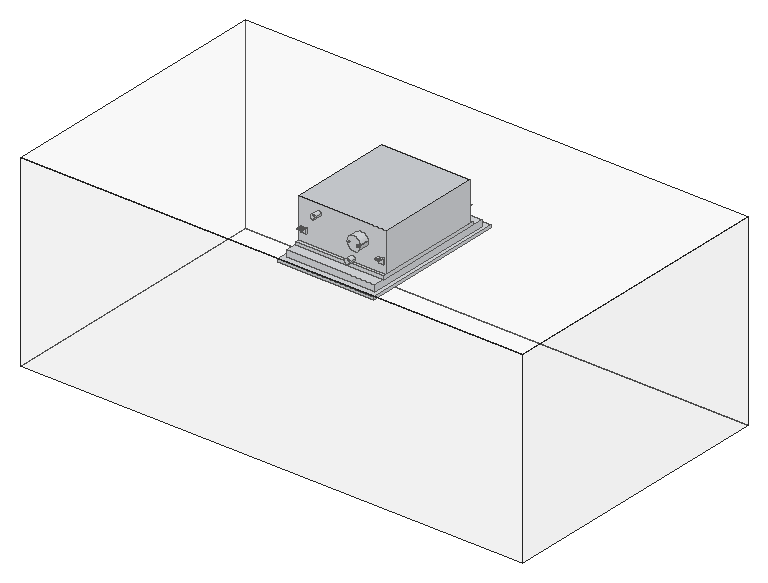
Revit family "plfy-p22_140lmg9_50Hz", category 機械設備, Revit 2019
Family settings
  丸型コネクタ寸法 = 直径を使用
  パーツ タイプ = 標準
  OmniClass 番号 = 23.75.10.24.21.27.27
  OmniClass タイトル = Split System Air Conditioning Units
  作業面ベース = いいえ
  常に垂直 = はい
  ロード時にボイドで切り取り = いいえ
  共有 = いいえ
  部屋計算ポイント = はい
Parameters (values of type "PLFY-P22LMG9")
  風量（弱）（m3／min） = 6.5
  風量（中2）（m3／min） = 7.5
  風量（中1）（m3／min） = 8.5
  風量（m3／min） = 9.5
  風量 = MAX風量  # 570.0 m³/h
  音響パワーレベル（弱）(dB) = 49
  音響パワーレベル（中2）(dB) = 51
  音響パワーレベル（中1）(dB) = 52
  音響パワーレベル(dB) = 53
  電源種別 = ""
  電源_H = 0 mm
  電圧_電気ヒーター = 0 V
  電圧 = 200 V
  電動機出力_送風機 = 0.05 kW
  運転質量 = 0.00 kg
  連動 = ""
  質量 = if(製品質量 > 運転質量, 製品質量, 運転質量) * 1.2  # 24.00 kg
  負荷分類 = 3_ファン類
  説明 = "ビル用マルチエアコン 天井カセット形(2方向吹出)室内機"
  設計暖房能力 = 0.00 kW
  設計冷房能力_顕熱 = 0 kW
  設計冷房能力 = 0 kW
  設置方法 = "カセット形"
  記号 = ""
  製造元 = "三菱電機株式会社"
  製品質量 = 20.00 kg
  製品出荷対象 = "国内"
  製品リリース年月 = "2022年9月15日"
  製品グループ = ""
  系統 = ""
  符号 = "ACP_CK2"
  積算_科目 = "1 空気調和設備"
  積算_拾い区分 [instance] = ""
  相_電気ヒーター = 1
  相 = 1
  盤記号 = ""
  発停方法 = "付属スイッチ"
  特殊仕様 = ""
  火災停止 = ""
  消費電力_電気ヒーター = 0.00 kW
  消費電力_暖房 = 0.03 kW
  消費電力_加湿器 = 0.00 kW
  消費電力_冷房 = 0.03 kW
  消費電力 = if(消費電力_冷房 > 消費電力_暖房, 消費電力_冷房, 消費電力_暖房) + 消費電力_加湿器 + 消費電力_電気ヒーター  # 0.03 kW
  法定耐用年数 = "15"
  機外静圧 = 0.0 Pa
  極数 = 3
  材質 = ""
  本体マテリアル = none
  有効加湿量 = 0
  暖房能力 = 2.50 kW
  推奨ブレーカー容量 = 15 A
  形式_加湿器 = ""
  形式 = "カセット形（2方向吹出形）"
  幹線記号 = ""
  始動方式 = ""
  呼称 = "室内機_カセット形(2方向吹出形)"
  周波数 = 50 Hz
  吊り位置Y = 824 mm
  吊り位置X = 574 mm
  吊りボルト_H = 167 mm
  台数_手元リモコン = ""
  台数_冷媒分岐ユニット = ""
  参照している仕様書等のバージョン = "公共建築工事標準仕様書（機械設備工事編）平成31年度版"
  加湿給水管径 = 0 mm
  分類コード = "50053003221020"
  分類グループ = ""
  冷房能力 = 2.2 kW
  冷媒高低圧ガス管径 = 0 mm
  冷媒管径符号 = "Ac"
  冷媒管径 = 100 mm
  冷媒液管高さ = 235 mm
  冷媒液管長さ = 67 mm
  冷媒液管径 = 6.35 mm
  冷媒ガス管高さ = 235 mm
  冷媒ガス管長さ = 78 mm
  冷媒ガス管径 = 12.7 mm
  企業コード = "108420"
  付属品_フィルター = ""
  付属品 = ""
  仕様書バージョン = "Version1.0"
  モデル = "PLFY-P22LMG9"
  パネルマテリアル = none
  ドレン管高さ = 297 mm
  ドレン管径 = 32 mm
  サービススペース = yes
  コメント [instance] = ""
  ケーブル種類 = ""
  ケーブルサイズ = 1.6 mm
  Width = 650 mm
  Version = ""
  Uniclass2015Version = "Systems v1.9"
  Uniclass2015Title = "Split coil remote air cooled condensing units"
  Uniclass2015Code = "Pr_70_65_03_84"
  URL = "https://www.mitsubishielectric.co.jp/ldg/wink/ssl/displayProduct.do?pid=317077"
  SpecificationReference = ""
  SpecificationDescription = ""
  S_H = 364 mm
  Revision = ""
  ProductInformation = ""
  OmniClassCode = "23-751024212727"
  MIN風量 = 風量（弱）（m3／min） * 60.0 m³/h  # 390.0 m³/h
  MID風量2 = 風量（中2）（m3／min） * 60.0 m³/h  # 450.0 m³/h
  MID風量 = 風量（中1）（m3／min） * 60.0 m³/h  # 510.0 m³/h
  MAX風量 = 風量（m3／min） * 60.0 m³/h  # 570.0 m³/h
  IfcTypeProduct = ""
  IfcProduct = ""
  IfcExportType = "AIRCONDITIONINGUNIT"
  IfcExportAs = "IfcUnitaryEquipmentType"
  Height = 290 mm
  Depth = 770 mm
  Clearance Top = 357 mm
  Clearance Right = 1500 mm
  Clearance Left = 1500 mm
  Clearance Front = 500 mm
  Clearance Bottom = 1000 mm
  Clearance Back = 500 mm
  Author = "三菱電機株式会社"
Types (10, lengths in mm): name | 風量（弱）（m3／min） | 風量（中2）（m3／min） | 風量（中1）（m3／min） | 風量（m3／min） | 風量 | 音響パワーレベル（弱）(dB) | 音響パワーレベル（中2）(dB) | 音響パワーレベル（中1）(dB) | 音響パワーレベル(dB) | 電動機出力_送風機 | 質量 | 製品質量 | 消費電力_暖房 | 消費電力_冷房 | 消費電力 | 暖房能力 | 吊り位置Y | 冷房能力 | 冷媒管径符号 | 冷媒液管長さ | 冷媒液管径 | 冷媒ガス管長さ | 冷媒ガス管径 | モデル | URL | S_H | MIN風量 | MID風量2 | MID風量 | MAX風量 | Height | Depth | Clearance Top
  PLFY-P22LMG9 | 6.5 | 7.5 | 8.5 | 9.5 | 570.0 m³/h | 49 | 51 | 52 | 53 | 0.05 kW | 24.00 kg | 20.00 kg | 0.03 kW | 0.03 kW | 0.03 kW | 2.50 kW | 824 | 2.2 kW | "Ac" | 67 | 6.35 | 78 | 12.7 | "PLFY-P22LMG9" | "https://www.mitsubishielectric.co.jp/ldg/wink/ssl/displayProduct.do?pid=317077" | 364 | 390.0 m³/h | 450.0 m³/h | 510.0 m³/h | 570.0 m³/h | 290 | 770 | 357
  PLFY-P28LMG9 | 6.5 | 7.5 | 8.5 | 9.5 | 570.0 m³/h | 49 | 51 | 52 | 53 | 0.05 kW | 24.00 kg | 20.00 kg | 0.03 kW | 0.03 kW | 0.03 kW | 3.20 kW | 824 | 2.8 kW | "Ac" | 67 | 6.4 | 78 | 12.7 | "PLFY-P28LMG9" | "https://www.mitsubishielectric.co.jp/ldg/wink/ssl/displayProduct.do?pid=317078" | 364 | 390.0 m³/h | 450.0 m³/h | 510.0 m³/h | 570.0 m³/h | 290 | 770 | 357
  PLFY-P36LMG9 | 6.5 | 8 | 9 | 10 | 600.0 m³/h | 50 | 51 | 52 | 53 | 0.05 kW | 25.20 kg | 21.00 kg | 0.03 kW | 0.03 kW | 0.03 kW | 4.00 kW | 824 | 3.6 kW | "Ac" | 67 | 6.4 | 78 | 12.7 | "PLFY-P36LMG9" | "https://www.mitsubishielectric.co.jp/ldg/wink/ssl/displayProduct.do?pid=317079" | 364 | 390.0 m³/h | 480.0 m³/h | 540.0 m³/h | 600.0 m³/h | 290 | 770 | 357
  PLFY-P45LMG9 | 7 | 8.5 | 9.5 | 10.5 | 630.0 m³/h | 51 | 54 | 55 | 56 | 0.05 kW | 25.20 kg | 21.00 kg | 0.04 kW | 0.04 kW | 0.04 kW | 5.00 kW | 824 | 4.5 kW | "Ac" | 67 | 6.4 | 78 | 12.7 | "PLFY-P45LMG9" | "https://www.mitsubishielectric.co.jp/ldg/wink/ssl/displayProduct.do?pid=317080" | 364 | 420.0 m³/h | 510.0 m³/h | 570.0 m³/h | 630.0 m³/h | 290 | 770 | 357
  PLFY-P56LMG9 | 9 | 11 | 12 | 13 | 780.0 m³/h | 53 | 55 | 56 | 57 | 0.05 kW | 28.80 kg | 24.00 kg | 0.05 kW | 0.05 kW | 0.05 kW | 6.30 kW | 994 | 5.6 kW | "Ac" | 67 | 6.4 | 78 | 12.7 | "PLFY-P56LMG9" | "https://www.mitsubishielectric.co.jp/ldg/wink/ssl/displayProduct.do?pid=317081" | 364 | 540.0 m³/h | 660.0 m³/h | 720.0 m³/h | 780.0 m³/h | 290 | 940 | 357
  PLFY-P71LMG9 | 10.5 | 12.5 | 15 | 16.5 | 990.0 m³/h | 55 | 58 | 59 | 60 | 0.05 kW | 31.20 kg | 26.00 kg | 0.07 kW | 0.07 kW | 0.07 kW | 8.00 kW | 994 | 7.1 kW | "Bd" | 67 | 9.5 | 78 | 15.9 | "PLFY-P71LMG9" | "https://www.mitsubishielectric.co.jp/ldg/wink/ssl/displayProduct.do?pid=317082" | 364 | 630.0 m³/h | 750.0 m³/h | 900.0 m³/h | 990.0 m³/h | 290 | 940 | 357
  PLFY-P80LMG9 | 13.5 | 15 | 16.5 | 19 | 1140.0 m³/h | 56 | 58 | 59 | 60 | 0.10 kW | 49.20 kg | 41.00 kg | 0.06 kW | 0.06 kW | 0.06 kW | 9.00 kW | 1494 | 8 kW | "Bd" | 71 | 9.5 | 83 | 15.9 | "PLFY-P80LMG9" | "https://www.mitsubishielectric.co.jp/ldg/wink/ssl/displayProduct.do?pid=317083" | 405 | 810.0 m³/h | 900.0 m³/h | 990.0 m³/h | 1140.0 m³/h | 331 | 1440 | 398
  PLFY-P90LMG9 | 15.5 | 18 | 20 | 22.5 | 1350.0 m³/h | 57 | 59 | 60 | 61 | 0.10 kW | 49.20 kg | 41.00 kg | 0.08 kW | 0.08 kW | 0.08 kW | 10.00 kW | 1494 | 9 kW | "Bd" | 71 | 9.5 | 83 | 15.9 | "PLFY-P90LMG9" | "https://www.mitsubishielectric.co.jp/ldg/wink/ssl/displayProduct.do?pid=317084" | 405 | 930.0 m³/h | 1080.0 m³/h | 1200.0 m³/h | 1350.0 m³/h | 331 | 1440 | 398
  PLFY-P112LMG9 | 18 | 20 | 23.5 | 26 | 1560.0 m³/h | 59 | 61 | 62 | 63 | 0.10 kW | 54.00 kg | 45.00 kg | 0.10 kW | 0.10 kW | 0.10 kW | 12.50 kW | 1494 | 11.2 kW | "Bd" | 71 | 9.5 | 83 | 15.9 | "PLFY-P112LMG9" | "https://www.mitsubishielectric.co.jp/ldg/wink/ssl/displayProduct.do?pid=317085" | 405 | 1080.0 m³/h | 1200.0 m³/h | 1410.0 m³/h | 1560.0 m³/h | 331 | 1440 | 398
  PLFY-P140LMG9 | 23 | 26.5 | 28.5 | 31.5 | 1890.0 m³/h | 63 | 64 | 67 | 69 | 0.24 kW | 56.40 kg | 47.00 kg | 0.20 kW | 0.20 kW | 0.20 kW | 16.00 kW | 1494 | 14 kW | "Bd" | 71 | 9.5 | 83 | 15.9 | "PLFY-P140LMG9" | "https://www.mitsubishielectric.co.jp/ldg/wink/ssl/displayProduct.do?pid=317090" | 405 | 1380.0 m³/h | 1590.0 m³/h | 1710.0 m³/h | 1890.0 m³/h | 331 | 1440 | 398
Reference planes
  plane 1 "中心(正面/背面)": y = 0
  plane 2: z = 0
  plane 3 "中心(左/右)": x = 0
  plane 4: x = -355
  plane 5: x = 355
  plane 6: y = 540
  plane 7: y = -540
  plane 8: z = 357
  plane 9: z = 364
  plane 10: x = -287
  plane 11: x = 287
  plane 12: y = 412
  plane 13: y = -412
  plane 14: z = 67
  plane 15: y = 385
  plane 16: y = -385
  plane 17: x = -325
  plane 18: x = 325
  plane 19: x = -1855
  plane 20: x = 1855
  plane 21: y = 1040
  plane 22: y = -1040
  plane 23: z = 357
  plane 24: z = -20
  plane 25: z = -1020
Dimensions and locks
  equal spacing: plane 4, plane 3 "中心(左/右)", plane 5
  plane 4 to plane 5 = 710 mm
  equal spacing: plane 7, plane 1 "中心(正面/背面)", plane 6
  plane 7 to plane 6 = 1080 mm
  locked: plane 12 to plane 6 at 128
  plane 7 to plane 13 = 128 mm
  plane 4 to plane 10 = 68 mm
  plane 11 to plane 5 = 68 mm
  "S_H": plane 9 to level
  "吊り位置X": plane 10 to plane 11
  equal spacing: plane 10, plane 3 "中心(左/右)", plane 11
  equal spacing: plane 13, plane 1 "中心(正面/背面)", plane 12
  "吊り位置Y": plane 13 to plane 12
  equal spacing: plane 16, plane 1 "中心(正面/背面)", plane 15
  "Depth": plane 16 to plane 15
  equal spacing: plane 17, plane 3 "中心(左/右)", plane 18
  "Width": plane 17 to plane 18
  locked: plane 14 to level at 67
  "Height": plane 8 to plane 14
  "Clearance Left": plane 19 to plane 4
  "Clearance Right": plane 5 to plane 20
  "Clearance Back": plane 6 to plane 21
  "Clearance Front": plane 22 to plane 7
  locked: level to plane 24 at 20
  "Clearance Bottom": plane 24 to plane 25
  "Clearance Top": plane 23 to level
  aligned and locked: level to plane 2
  aligned and locked: plane 10 to nested 2
  aligned and locked: plane 11 to nested 2
  aligned and locked: nested 2 to plane 12
  aligned and locked: plane 13 to nested 2
  aligned and locked: plane 1 "中心(正面/背面)" to nested 3
  aligned and locked: nested 3 to plane 3 "中心(左/右)"
  aligned and locked: plane 19 to nested 1
  aligned and locked: plane 20 to nested 1
  aligned and locked: nested 1 to plane 22
  aligned and locked: nested 1 to plane 21
  aligned and locked: plane 23 to nested 1
  aligned and locked: plane 25 to nested 1
Nested families
  nested 1: "サービススペース" at (0, 0, -331.5), visible <- "サービススペース", type "サービススペース"
    with Width 3710 mm, Height 1377 mm, Depth 2080 mm
  nested 2: "固定点" at (-287, -412, 0), type "固定点"
    with W 574 mm, D 824 mm
  nested 3: "PLFY-P○○○LMG7" at (0, 0, 0) x (0, -1, 0) z (0, 0, 1), type "PLFY-P○○○LMG7"
    with ユニット表示 yes, ドレン配管サイズ 32 mm
Connectors
  piping at (138, -452, 235), diameter 100, driven by "冷媒管径", driven by "冷媒管径符号"
    settings: on nested 3, index 1, connector inside diameter 609.6 mm, connector length 0 mm, flow factor 0, pipe flow 0.0 L/s, pressure drop 0.0 Pa, fitting loss kfactor 0, connector angle 0.00°, fixture units 0, engagement length 0 mm, angle of deflection 0.00°, flow configuration 0, flow direction 1, fitting loss method 4, system type 7, joint type 0, gender type 0, connector reference index -1, connector utility 0, adjustable connector no, is connector primary yes, connector description "Ac"
  piping at (-175, -442, 297), diameter 32, driven by "ドレン管径"
    settings: on nested 3, index 2, connector inside diameter 609.6 mm, connector length 0 mm, flow factor 0, pipe flow 0.0 L/s, pressure drop 0.0 Pa, fitting loss kfactor 0, connector angle 0.00°, fixture units 0, engagement length 0 mm, angle of deflection 0.00°, flow configuration 0, flow direction 2, fitting loss method 4, system type 16, joint type 0, gender type 0, connector reference index -1, connector utility 0, adjustable connector no, is connector primary no, connector description ""
  electrical at (75, -435, 85), driven by "極数", driven by "負荷分類", driven by "電圧", driven by "消費電力"
    settings: on nested 3, index 3, voltage 200 V, apparent load 30 VA, apparent load phase1 0 VA, apparent load phase2 0 VA, apparent load phase3 0 VA, power factor 1, load classification "3_ファン類", number of poles 3, system type 30, power factor state 1, is connector primary yes, connector utility no, sub classification motor no, connector description ""
Definition of nested family "サービススペース"
  Parameters (values of type "サービススペース")
    Width [instance] = 500 mm
    Height [instance] = 500 mm
    Depth [instance] = 500 mm
  Reference planes
    plane 1 "中心(正面/背面)": y = 0
    plane 2: z = 0
    plane 3 "中心(左/右)": x = 0
    plane 4: y = -250
    plane 5: x = 250
    plane 6: y = 250
    plane 7: x = -250
    plane 8: z = 250
    plane 9: z = -250
  Forms (mm)
    Extrusion 1, solid
      sketch origin (-638.939, 0, 72.39) x (1, 0, 0) y (0, 1, 0)
        loop
          line (388.939, 250) -> (388.939, -250) -> (888.939, -250) -> (888.939, 250) -> (388.939, 250)
      from -322.39 to 177.61
  Lines and regions (mm)
    symbolic lines
      curve 1: line (-250, 0, 250) -> (250, 0, 250)
      curve 2: line (-250, 0, -250) -> (-250, 0, 250)
      curve 3: line (250, 0, -250) -> (-250, 0, -250)
      curve 4: line (250, 0, 250) -> (250, 0, -250)
      curve 5: line (0, -250, 250) -> (0, 250, 250)
      curve 6: line (0, -250, -250) -> (0, -250, 250)
      curve 7: line (0, 250, -250) -> (0, -250, -250)
      curve 8: line (0, 250, 250) -> (0, 250, -250)
      curve 9: line (-250, 250, 0) -> (250, 250, 0)
      curve 10: line (-250, -250, 0) -> (-250, 250, 0)
      curve 11: line (250, -250, 0) -> (-250, -250, 0)
      curve 12: line (250, 250, 0) -> (250, -250, 0)
  Dimensions and locks
    equal spacing: plane 7, plane 3 "中心(左/右)", plane 5
    equal spacing: plane 4, plane 1 "中心(正面/背面)", plane 6
    "Depth": plane 4 to plane 6
    "Width": plane 7 to plane 5
    equal spacing: plane 8, plane 2, plane 9
    "Height": plane 8 to plane 9
    aligned and locked: plane 9 to curve 3
    aligned and locked: plane 7 to curve 2
    aligned and locked: curve 4 to plane 5
    aligned and locked: plane 5 to Extrusion 1
    aligned and locked: Extrusion 1 to plane 7
    aligned and locked: Extrusion 1 to plane 9
    aligned and locked: plane 8 to Extrusion 1
    aligned and locked: plane 9 to curve 7
  Automatic sketch dimensions
    plane 4 to Extrusion 1 sketch curve = 0 mm
    Extrusion 1 sketch curve to plane 7 = 0 mm
    Extrusion 1 sketch curve to plane 5 = 0 mm
    plane 6 to Extrusion 1 sketch curve = 0 mm
    curve 2 to plane 8 = 0 mm
    plane 4 to curve 11 = 0 mm
    curve 11 to plane 7 = 0 mm
    curve 11 to plane 5 = 0 mm
    plane 6 to curve 10 = 0 mm
    curve 7 to plane 4 = 0 mm
    curve 7 to plane 6 = 0 mm
    curve 6 to plane 8 = 0 mm
Definition of nested family "PLFY-P○○○LMG7"
  Parameters (values of type "PLFY-P○○○LMG7")
    配線取出口サイズ = 36 mm
    配線取出口-Z = 85 mm
    配線取出口-Y = 250 mm
    配線取出口-X = 50 mm
    液配管サイズ = 6.35 mm
    A = 幅さ + 310 mm  # 1080 mm
    高さ = 290 mm
    奥行き = 650 mm
    吊りボルト_H = 167 mm
    冷媒配管 = 100 mm
    冷媒液管径-Z = 235 mm
    冷媒液管径-Y = 222 mm
    冷媒液管径-X = 67 mm
    冷媒ガス管径-Z = 235 mm
    冷媒ガス管径-Y = 152 mm
    冷媒ガス管径-X = 78 mm
    ユニット表示 [instance] = yes
    ボルトピッチ = 574 mm
    ドレン配管サイズ = 25 mm
    ドレン管径-Z = 297 mm
    ドレン管径-Y = 500 mm
    ドレン管径-X = 57 mm
    ガス配管サイズ = 12.7 mm
    D = 幅さ + 54 mm  # 824 mm
    幅さ = 770 mm
    B = 幅さ + 270 mm  # 1040 mm
  Reference planes
    plane 1 "中心(正面/背面)": y = 0
    plane 2: z = 0
    plane 3 "中心(左/右)": x = 0
    plane 4: x = -540
    plane 5: x = 540
    plane 6: y = 355
    plane 7: y = -355
    plane 8: z = 357
    plane 9: z = -20
    plane 10: x = -385
    plane 11: x = 385
    plane 12: y = 325
    plane 13: y = -325
    plane 14: z = 45
    plane 15: x = -520
    plane 16: x = 520
    plane 17: x = 412
    plane 18: x = -412
    plane 19: z = 67
    plane 20: x = 490
    plane 21: x = -490
    plane 22: y = 287
    plane 23: y = -287
    plane 24: x = 463
    plane 25: y = 173
    plane 26: z = 235
    plane 27: x = 452
    plane 28: y = 103
    plane 29: x = 442
    plane 30: y = -175
    plane 31: z = 297
    plane 32: z = 364
    plane 33: y = 50
    plane 34: x = 435
    plane 35: y = 75
    plane 36: z = 85
    plane 37: z = 167
    plane 38: z = 165
    plane 39: z = 125
    plane 40: y = 307
    plane 41: y = 267
    plane 42: y = -267
    plane 43: y = -307
    plane 44: y = 292
    plane 45: y = 282
    plane 46: y = -282
    plane 47: y = -292
    plane 48: x = -425
    plane 49: x = 425
    plane 50: x = -387
    plane 51: x = 387
  Forms (mm)
    Extrusion 1, solid, visible <- "ユニット表示", detail levels fine
      sketch origin (0, 0, 0) x (1, 0, 0) y (0, 1, 0)
        loop
          line (-385, 325) -> (-385, -325) -> (385, -325) -> (385, 325) -> (-385, 325)
      from 67 to 357
    Extrusion 2, solid, visible <- "ユニット表示", detail levels fine
      sketch origin (-1437.329, -1524, 45) x (-1, 0, 0) y (0, -1, 0)
        loop
          line (-1025.329, -1849) -> (-1025.329, -1199) -> (-1849.329, -1199) -> (-1849.329, -1849) -> (-1025.329, -1849)
      from 0 to 22
    Extrusion 3, solid, visible <- "ユニット表示", detail levels fine
      sketch origin (-1437.329, -1524, 45) x (-1, 0, 0) y (0, -1, 0)
        loop
          line (-947.329, -1849) -> (-947.329, -1199) -> (-1927.329, -1199) -> (-1927.329, -1849) -> (-947.329, -1849)
      from 0 to -45
    Extrusion 4, solid, visible <- "ユニット表示", detail levels fine
      sketch origin (385, 1296.25, 1200) x (0, 1, 0) y (0, 0, 1)
        loop
          circle (-1123.25, -965) r 6.35
      from 0 to 78
    Extrusion 5, solid, visible <- "ユニット表示", detail levels fine
      sketch origin (385, 1296.25, 1200) x (0, 1, 0) y (0, 0, 1)
        loop
          circle (-1193.25, -965) r 3.175
      from 0 to 67
    Extrusion 6, solid, visible <- "ユニット表示", detail levels fine
      sketch origin (385, 1296.25, 1200) x (0, 1, 0) y (0, 0, 1)
        loop
          circle (-1471.25, -903) r 12.5
      from 0 to 57
    Extrusion 7, solid, visible <- "ユニット表示", detail levels fine
      sketch origin (385, 1296.25, 1200) x (0, 1, 0) y (0, 0, 1)
        loop
          circle (-1221.25, -1115) r 18
      from 0 to 50
    Extrusion 8, solid, visible <- "ユニット表示", detail levels fine
      sketch origin (385, 1296.25, 1200) x (0, 1, 0) y (0, 0, 1)
        loop
          circle (-1158.25, -965) r 50
      from 0 to 67
    Extrusion 9, solid, visible <- "ユニット表示"
      sketch origin (0, 0, 0) x (1, 0, 0) y (0, 1, 0)
        loop
          line (-540, 355) -> (-540, -355) -> (540, -355) -> (540, 355) -> (-540, 355)
      from 0 to -20
    Extrusion 10, solid, visible <- "ユニット表示", detail levels fine
      sketch origin (0, 0, 0) x (1, 0, 0) y (0, 1, 0)
        loop
          line (-407, 292) -> (-407, 282)
          arc (-407, 282) -> (-412, 277) -> (-417, 282) r 5
          line (-417, 282) -> (-425, 282) -> (-425, 267) -> (-385, 267) -> (-385, 307) -> (-425, 307) -> (-425, 292) -> (-417, 292)
          arc (-417, 292) -> (-412, 297) -> (-407, 292) r 5
        loop
          arc (407, 292) -> (412, 297) -> (417, 292) r 5
          line (417, 292) -> (425, 292) -> (425, 307) -> (385, 307) -> (385, 267) -> (425, 267) -> (425, 282) -> (417, 282)
          arc (417, 282) -> (412, 277) -> (407, 282) r 5
          line (407, 282) -> (407, 292)
        loop
          line (407, -292) -> (407, -282)
          arc (407, -282) -> (412, -277) -> (417, -282) r 5
          line (417, -282) -> (425, -282) -> (425, -267) -> (385, -267) -> (385, -307) -> (425, -307) -> (425, -292) -> (417, -292)
          arc (417, -292) -> (412, -297) -> (407, -292) r 5
        loop
          arc (-407, -292) -> (-412, -297) -> (-417, -292) r 5
          line (-417, -292) -> (-425, -292) -> (-425, -307) -> (-385, -307) -> (-385, -267) -> (-425, -267) -> (-425, -282) -> (-417, -282)
          arc (-417, -282) -> (-412, -277) -> (-407, -282) r 5
          line (-407, -282) -> (-407, -292)
      from 165 to 167
    Extrusion 11, solid, visible <- "ユニット表示", detail levels fine
      sketch origin (0, 0, 0) x (1, 0, 0) y (0, 1, 0)
        loop
          line (-387, 307) -> (-387, 267) -> (-385, 267) -> (-385, 307) -> (-387, 307)
        loop
          line (385, 307) -> (385, 267) -> (387, 267) -> (387, 307) -> (385, 307)
        loop
          line (385, -267) -> (385, -307) -> (387, -307) -> (387, -267) -> (385, -267)
        loop
          line (-387, -267) -> (-387, -307) -> (-385, -307) -> (-385, -267) -> (-387, -267)
      from 125 to 165
  Dimensions and locks
    equal spacing: plane 7, plane 1 "中心(正面/背面)", plane 6
    plane 7 to plane 6 = 710 mm
    equal spacing: plane 4, plane 3 "中心(左/右)", plane 5
    "A": plane 4 to plane 5
    locked: level to plane 9 at 20
    equal spacing: plane 13, plane 1 "中心(正面/背面)", plane 12
    "奥行き": plane 13 to plane 12
    equal spacing: plane 10, plane 3 "中心(左/右)", plane 11
    "幅さ": plane 10 to plane 11
    locked: plane 14 to level at 45
    equal spacing: plane 15, plane 3 "中心(左/右)", plane 16
    "B": plane 15 to plane 16
    equal spacing: plane 18, plane 3 "中心(左/右)", plane 17
    "D": plane 18 to plane 17
    locked: plane 19 to plane 14 at 22
    locked: plane 15 to plane 21 at 30
    locked: plane 20 to plane 16 at 30
    equal spacing: plane 23, plane 1 "中心(正面/背面)", plane 22
    "ボルトピッチ": plane 23 to plane 22
    "冷媒ガス管径-X": plane 11 to plane 24
    "冷媒ガス管径-Y": plane 25 to plane 12
    "冷媒液管径-X": plane 11 to plane 27
    "冷媒液管径-Y": plane 28 to plane 12
    "ドレン管径-X": plane 11 to plane 29
    "ドレン管径-Y": plane 30 to plane 12
    plane 32 to plane 8 = 7 mm
    "配線取出口-X": plane 11 to plane 34
    "配線取出口-Y": plane 35 to plane 12
    "配線取出口-Z": plane 36 to level
    "ドレン管径-Z": plane 31 to level
    "冷媒ガス管径-Z": plane 26 to level
    locked: plane 38 to plane 39 at 40
    locked: plane 37 to plane 38 at 2
    "吊りボルト_H": plane 37 to level
    plane 43 to plane 23 to plane 42 = 20 mm locked, 20 mm locked
    plane 41 to plane 22 to plane 40 = 20 mm locked, 20 mm locked
    plane 47 to plane 23 to plane 46 = 5 mm locked, 5 mm locked
    plane 45 to plane 22 to plane 44 = 5 mm locked, 5 mm locked
    locked: plane 48 to plane 10 at 40
    locked: plane 11 to plane 49 at 40
    locked: plane 11 to plane 51 at 2
    locked: plane 50 to plane 10 at 2
    "高さ": plane 8 to plane 19
    "ガス配管サイズ": diameter of Extrusion 4 sketch curve
    "液配管サイズ": diameter of Extrusion 5 sketch curve
    "ドレン配管サイズ": diameter of Extrusion 6 sketch curve
    "配線取出口サイズ": diameter of Extrusion 7 sketch curve
    "冷媒配管": diameter of Extrusion 8 sketch curve
    aligned and locked: level to plane 2
    aligned and locked: plane 12 to Extrusion 1 sketch curve
    aligned and locked: plane 10 to Extrusion 1 sketch curve
    aligned and locked: Extrusion 1 sketch curve to plane 13
    aligned and locked: Extrusion 1 sketch curve to plane 11
    aligned and locked: plane 8 to Extrusion 1
    aligned and locked: plane 12 to Extrusion 2 sketch curve
    aligned and locked: plane 18 to Extrusion 2 sketch curve
    aligned and locked: Extrusion 2 sketch curve to plane 13
    aligned and locked: Extrusion 2 sketch curve to plane 17
    aligned and locked: plane 19 to Extrusion 2
    aligned and locked: Extrusion 1 to Extrusion 2
    aligned and locked: plane 12 to Extrusion 3 sketch curve
    aligned and locked: plane 21 to Extrusion 3 sketch curve
    aligned and locked: Extrusion 3 sketch curve to plane 13
    aligned and locked: Extrusion 3 sketch curve to plane 20
    aligned and locked: Extrusion 3 to level
    aligned and locked: plane 14 to Extrusion 3
    aligned and locked: plane 26 to Extrusion 4 sketch curve
    aligned and locked: plane 25 to Extrusion 4 sketch curve
    aligned and locked: Extrusion 4 to plane 11
    aligned and locked: plane 24 to Extrusion 4
    aligned and locked: plane 26 to Extrusion 5 sketch curve
    aligned and locked: plane 28 to Extrusion 5 sketch curve
    aligned and locked: plane 27 to Extrusion 5
    aligned and locked: Extrusion 5 to plane 11
    aligned and locked: plane 31 to Extrusion 6 sketch curve
    aligned and locked: plane 30 to Extrusion 6 sketch curve
    aligned and locked: Extrusion 6 to plane 11
    aligned and locked: plane 29 to Extrusion 6
    aligned and locked: plane 36 to Extrusion 7 sketch curve
    aligned and locked: plane 35 to Extrusion 7 sketch curve
    aligned and locked: Extrusion 7 to plane 11
    aligned and locked: plane 34 to Extrusion 7
    aligned and locked: plane 26 to Extrusion 8 sketch curve
    aligned and locked: Extrusion 8 to plane 11
    aligned and locked: plane 27 to Extrusion 8
    aligned and locked: level to Extrusion 9
    aligned and locked: Extrusion 9 to plane 9
    aligned and locked: Extrusion 10 sketch curve to plane 10
    aligned and locked: plane 37 to Extrusion 10
    aligned and locked: Extrusion 10 to plane 38
    aligned and locked: plane 40 to Extrusion 10 sketch curve
    aligned and locked: plane 48 to Extrusion 10 sketch curve  (x2)
    aligned and locked: Extrusion 10 sketch curve to plane 41
    aligned and locked: Extrusion 10 sketch curve to plane 45
    aligned and locked: Extrusion 10 sketch curve to plane 44
    aligned and locked: plane 44 to Extrusion 10 sketch curve  (x3)
    aligned and locked: plane 45 to Extrusion 10 sketch curve  (x3)
    aligned and locked: plane 18 to Extrusion 10 sketch curve  (x4)
    aligned and locked: plane 10 to Extrusion 10 sketch curve
    aligned and locked: Extrusion 10 sketch curve to plane 42
    aligned and locked: plane 43 to Extrusion 10 sketch curve
    aligned and locked: plane 47 to Extrusion 10 sketch curve  (x3)
    aligned and locked: plane 46 to Extrusion 10 sketch curve  (x3)
    aligned and locked: Extrusion 10 sketch curve to plane 46
    aligned and locked: Extrusion 10 sketch curve to plane 47
    aligned and locked: Extrusion 10 sketch curve to plane 48  (x2)
    aligned and locked: plane 11 to Extrusion 10 sketch curve
    aligned and locked: Extrusion 10 sketch curve to plane 49  (x2)
    aligned and locked: plane 17 to Extrusion 10 sketch curve  (x4)
    aligned and locked: Extrusion 10 sketch curve to plane 43
    aligned and locked: plane 42 to Extrusion 10 sketch curve
    aligned and locked: plane 49 to Extrusion 10 sketch curve  (x2)
    aligned and locked: plane 41 to Extrusion 10 sketch curve
    aligned and locked: Extrusion 10 sketch curve to plane 11
    aligned and locked: Extrusion 10 sketch curve to plane 40
    aligned and locked: plane 40 to Extrusion 11 sketch curve
    aligned and locked: plane 50 to Extrusion 11 sketch curve  (x2)
    aligned and locked: Extrusion 11 sketch curve to Extrusion 10  (x8)
    aligned and locked: Extrusion 11 sketch curve to plane 41
    aligned and locked: Extrusion 11 sketch curve to plane 51  (x2)
    aligned and locked: Extrusion 11 sketch curve to plane 43
    aligned and locked: plane 42 to Extrusion 11 sketch curve
    aligned and locked: Extrusion 11 to Extrusion 10
    aligned and locked: Extrusion 11 to plane 39
  Automatic sketch dimensions
    Extrusion 9 sketch curve to plane 4 = 0 mm
    Extrusion 9 sketch curve to plane 5 = 0 mm
    plane 7 to Extrusion 9 sketch curve = 0 mm
    plane 6 to Extrusion 9 sketch curve = 0 mm
    Extrusion 10 sketch curve to plane 18 = 5 mm  (x2)
    Extrusion 10 sketch curve to plane 17 = 5 mm  (x2)
    plane 25 to Extrusion 8 sketch curve = 35 mm
Definition of nested family "固定点"
  Parameters (values of type "固定点")
    中心円 = 20 mm
    W [instance] = 1000 mm
    D [instance] = 1000 mm
  Reference planes
    plane 1 "中心(正面/背面)": y = 0
    plane 2: z = 0
    plane 3 "中心(左/右)": x = 0
    plane 4: x = 1000
    plane 5: y = 1000
  Lines and regions (mm)
    symbolic lines, detail levels fine
      curve 1: circle (0, 1000, 0) r 10 normal (0, 0, 1)
      curve 2: circle (0, 0, 0) r 10 normal (0, 0, 1)
      curve 3: circle (1000, 1000, 0) r 10 normal (0, 0, 1)
      curve 4: circle (1000, 0, 0) r 10 normal (0, 0, 1)
      curve 5: line (-200, 1000, 0) -> (1200, 1000, 0)
      curve 6: line (-200, 0, 0) -> (1200, 0, 0)
      curve 7: line (0, 1200, 0) -> (0, -200, 0)
      curve 8: line (1000, 1200, 0) -> (1000, -200, 0)
  Dimensions and locks
    "W": plane 3 "中心(左/右)" to plane 4
    "D": plane 1 "中心(正面/背面)" to plane 5
    "中心円": diameter of curve 1
    "中心円": diameter of curve 2
    "中心円": diameter of curve 3
    "中心円": diameter of curve 4
    aligned and locked: level to plane 2
    aligned and locked: plane 5 to curve 1
    aligned and locked: plane 3 "中心(左/右)" to curve 1
    aligned and locked: plane 3 "中心(左/右)" to curve 2
    aligned and locked: plane 1 "中心(正面/背面)" to curve 2
    aligned and locked: plane 4 to curve 3
    aligned and locked: plane 5 to curve 3
    aligned and locked: plane 1 "中心(正面/背面)" to curve 4
    aligned and locked: plane 4 to curve 4
    aligned and locked: plane 1 "中心(正面/背面)" to curve 6
    aligned and locked: curve 7 to plane 3 "中心(左/右)"
    aligned and locked: curve 8 to plane 4
  Automatic sketch dimensions
    curve 5 to plane 5 = 0 mm
    curve 6 to plane 3 "中心(左/右)" = 200 mm
    curve 5 to plane 3 "中心(左/右)" = 200 mm
    curve 4 to curve 6 = 200 mm
    curve 3 to curve 5 = 200 mm
    plane 1 "中心(正面/背面)" to curve 8 = 200 mm
    plane 1 "中心(正面/背面)" to curve 7 = 200 mm
    curve 3 to curve 8 = 200 mm
    curve 1 to curve 7 = 200 mm
